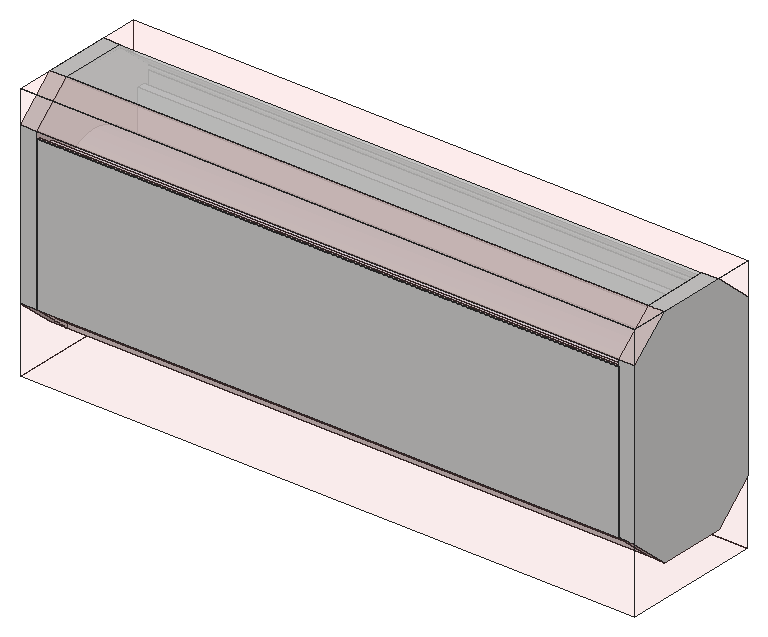
Revit family "Air-Curtain_Customer-Entry_PoweredAire_MP", category Mechanical Equipment, host Face, Revit 2020
Family settings
  Host = Face
  Round Connector Dimension = Use Diameter
  Part Type = Normal
  OmniClass Number = 23.75.35.17.21
  OmniClass Title = Air Curtains
  Cut with Voids When Loaded = No
  Shared = No
  Room Calculation Point = No
Parameters
  Warranty Duration (Years) = 0
  Unit Width Notes = "Other Widths available."  # constant formula
  Unit Width = 3' - 1"
  Unit Weight = 0
  Unit Height = 0' - 8 1/2"
  Unit Depth = 1' - 1 1/2"
  URL = "http://www.poweredaire.com/"
  Test Data = ""
  Standards Conformance = "as Specified"
  Specification = "http://www.arcat.com/sdspecs/htm04/23_34_33pai.htm"
  SpecWizard = ""
  Sound Pressure = "as Specified"
  Sales Information = "http://www.poweredaire.com/contact_us"
  Revision = "R1_2016-08"
  Projection from Host [instance] = 0' - 2"
  Product Properties = ""
  Product Data = "http://www.arcat.com/arcatcos/cos47/arc47623.html"
  Power Rating = 0 W
  Nozzle Width = if(1 = 1, Unit Width - 0' 2", 0' 0")  # 2' - 11"
  Mounting Width = if(1 = 1, Unit Width - 0' 1", 0' 0")  # 3' - 0"
  Mounting Height [instance] = 3' - 6"
  Motor RPM = 0
  Motor HP = 0
  Motor Count = 0
  Model = "As Specified"
  Max Height = 0' - 0"
  Manufacturer Website = "http://www.poweredaire.com/"
  Manufacturer Phone - Toll Free = "888-321-2473"
  Manufacturer Phone = "724-588-3305"
  Manufacturer Fax = "724-588-3371"
  Manufacturer Address = "109 Mortensen Rd.  Greenville, PA 16125"
  Manufacturer = "Powered Aire, Inc"
  Maintenance Schedule (Months) = 0
  Keynote = "23 34 33"
  Installation-Fabrication = ""
  Installation Phase = ""
  Include Clearance [instance] = yes
  Heating Element Load = 0 W
  HVAC_Temperature Rise = 0 °F
  HVAC_Outlet Volume = 0 CFM
  HVAC_Outlet Velocity Uniformity = 0
  HVAC_Outlet Velocity = 0 FPM
  Green Building-LEED = "http://www.arcat.com/green/clients/leed_data_47623.html"
  Front Grating Material [instance] = Metal - Steel - PoweredAire - Stainless 304 Perforated
  Frame Finish [instance] = Metal - Steel - PoweredAire - Stainless 304
  Expected Lifespan (Years) = 0
  Electrical_Wattage [instance] = Power Rating + Heating Element Load  # 0 W
  Electrical_Voltage [instance] = 0 V
  Electrical_Phase [instance] = 1
  Electrical_Frequency [instance] = 0 Hz
  Electrical_Amperage [instance] = 0 A
  Drawn By = "Sumex Design, Inc. / Robert S. Weygant, CSI, CDT, SCIP"
  Description = "Powered Aire Air Curtain as Specified"
  Default Elevation = 0' - 0"  # constant formula
  Copyright = "©Arcat Inc."
  Construction Details = "http://www.arcat.com/details/powair/prod3336.html"
  Clearance_Top [instance] = 0' - 0"
  Clearance_Side B [instance] = 0' - 0"
  Clearance_Side A [instance] = 0' - 0"
  Clearance_Intake [instance] = 0' - 0"
  Clearance_Bottom [instance] = 0' - 0"
  Clearance Material [instance] = ARCAT Clearance
  Building Codes = ""
  Available Options [instance] = "as Specified"
  Assembly Code = "D3090400"
Reference planes (in)
  plane 1 "Center (Elevation)": y = 0.13818
  plane 2: z = 0
  plane 3 "Center (Left/Right)": x = 0
  plane 4: y = 4.38818
  plane 5: y = -4.11182
  plane 6: x = -18.5
  plane 7: x = 18.5
  plane 8: z = 15.5
  plane 9 "FF": y = -41.86182
  plane 10: z = 2
  plane 11: x = 17.5
  plane 12: x = -17.5
  plane 13: y = 4.38818
  plane 14: y = -4.11182
  plane 15: x = -18.5
  plane 16: x = 18.5
  plane 17: z = 15.5
Forms (in)
  Extrusion 1, solid, material "Metal - Steel - PoweredAire - Stainless 304" <- "Frame Finish"
    sketch origin (0, 0, 0) x (0, 1, 0) y (0, 0, 1)
      loop
        line (2.13818, 2) -> (4.38818, 3.94454) -> (4.38818, 13.55546) -> (2.13818, 15.5) -> (-1.86182, 15.5) -> (-4.11182, 13.55546) -> (-4.11182, 3.94454) -> (-1.86182, 2) -> (2.13818, 2)
    from 17.5 to 18.5
  Extrusion 2, solid, material "Metal - Steel - PoweredAire - Stainless 304" <- "Frame Finish"
    sketch origin (0, 0, 0) x (0, 1, 0) y (0, 0, -1)
      loop
        line (2.13818, -2) -> (-1.86182, -2) -> (-4.11182, -3.94454) -> (-4.11182, -13.55546) -> (-1.86182, -15.5) -> (2.13818, -15.5) -> (4.38818, -13.55546) -> (4.38818, -3.94454) -> (2.13818, -2)
    from 17.5 to 18.5
  Extrusion 3, solid, material "Metal - Steel - PoweredAire - Stainless 304" <- "Frame Finish"
    sketch origin (0, 0, 0) x (0, 1, 0) y (0, 0, 1)
      loop
        line (-1.86182, 2) -> (2.13818, 2) -> (4.38818, 3.94454) -> (4.38818, 13.19454) -> (4.26318, 13.19454) -> (4.26318, 3.99632) -> (2.0979, 2.125) -> (-1.73682, 2.125) -> (-1.73682, 4.06954) -> (-3.98682, 4.06954) -> (-3.98682, 13.19454) -> (-4.11182, 13.19454) -> (-4.11182, 3.94454) -> (-1.86182, 3.94454) -> (-1.86182, 2)
      loop
        line (-3.39819, 3.61034) -> (-2.6202, 2.83235) -> (-2.49472, 2.95783) -> (-3.27271, 3.73583) -> (-3.39819, 3.61034)
    from -17.5 to 17.5
  Extrusion 4, solid, material "Metal - Steel - PoweredAire - Stainless 304 Perforated" <- "Front Grating Material"
    sketch origin (0, 0, 0) x (0, 1, 0) y (0, 0, 1)
      loop
        line (-4.11182, 13.19454) -> (-3.98682, 13.19454) -> (-3.98682, 13.50368) -> (-1.82155, 15.375) -> (2.0979, 15.375) -> (4.26318, 13.50368) -> (4.26318, 13.19454) -> (4.38818, 13.19454) -> (4.38818, 13.55546) -> (2.13818, 15.5) -> (-1.86182, 15.5) -> (-4.11182, 13.55546) -> (-4.11182, 13.19454)
    from -17.5 to 17.5
  Extrusion 5, solid, material "ARCAT Clearance" <- "Clearance Material", visible <- "Include Clearance"
    sketch origin (0, 0, 0) x (0, 1, 0) y (0, 0, 1)
      loop
        line (-4.11182, 15.5) -> (-4.11182, 0) -> (4.38818, 0) -> (4.38818, 15.5) -> (-4.11182, 15.5)
    from -18.5 to 18.5
  Extrusion 6, solid
    sketch origin (0, 0, 0) x (0, 1, 0) y (0, 0, 1)
      loop
        line (-3.59559, 12.66567) -> (-3.59559, 4.66567) -> (-3.09559, 4.66567) -> (-3.09559, 12.66567) -> (-3.59559, 12.66567)
      loop
        circle (0.13818, 9.1356) r 2.75
      loop
        line (3.87195, 12.66567) -> (3.37195, 12.66567) -> (3.37195, 4.66567) -> (3.87195, 4.66567) -> (3.87195, 12.66567)
    from -17.5 to 17.5
Dimensions and locks (in)
  equal spacing: plane 4, plane 1 "Center (Elevation)", plane 5
  "Unit Height": plane 4 to plane 5
  equal spacing: plane 6, plane 3 "Center (Left/Right)", plane 7
  "Unit Width": plane 6 to plane 7
  "Mounting Height": plane 1 "Center (Elevation)" to plane 9 "FF"
  "Projection from Host": plane 10 to level
  "Unit Depth": plane 8 to plane 10
  locked: plane 6 to plane 12 at 1
  locked: plane 11 to plane 7 at 1
  "Clearance_Side A": plane 7 to plane 16
  "Clearance_Side B": plane 15 to plane 6
  "Clearance_Top": plane 13 to plane 4
  "Clearance_Bottom": plane 5 to plane 14
  "Clearance_Intake": plane 17 to plane 8
  aligned and locked: plane 2 to host face
  aligned and locked: level to host face
  aligned and locked: plane 7 to Extrusion 1
  aligned and locked: Extrusion 1 to plane 11
  aligned and locked: plane 12 to Extrusion 2
  aligned and locked: Extrusion 2 to plane 6
  aligned and locked: plane 11 to Extrusion 3
  aligned and locked: Extrusion 3 to plane 12
  aligned and locked: plane 11 to Extrusion 4
  aligned and locked: Extrusion 4 to plane 12
  aligned and locked: Extrusion 5 sketch curve to plane 17
  aligned and locked: plane 14 to Extrusion 5 sketch curve
  aligned and locked: level to Extrusion 5 sketch curve
  aligned and locked: Extrusion 5 sketch curve to plane 13
  aligned and locked: plane 16 to Extrusion 5
  aligned and locked: Extrusion 5 to plane 15
  aligned and locked: plane 11 to Extrusion 6
  aligned and locked: Extrusion 6 to plane 12
Automatic sketch dimensions
  host sketch curve to host sketch curve = 8' - 0"  (x2)
  Extrusion 1 sketch curve to plane 5 = 0' - 0"
  Extrusion 1 sketch curve to plane 8 = 0' - 0"
  Extrusion 1 sketch curve to plane 4 = 0' - 0"
  plane 1 "Center (Elevation)" to Extrusion 1 sketch curve = 0' - 2"
  Extrusion 1 sketch curve to plane 1 "Center (Elevation)" = 0' - 2"  (x2)
  plane 10 to Extrusion 1 sketch curve = 0' - 1.94454"  (x2)
  Extrusion 1 sketch curve to plane 8 = 0' - 1.94454"  (x2)
  plane 5 to Extrusion 1 sketch curve = 0' - 2 1/4"
  Extrusion 1 sketch curve to plane 10 = 0' - 0"
  Extrusion 2 sketch curve to plane 5 = 0' - 0"
  Extrusion 2 sketch curve to plane 8 = 0' - 0"
  Extrusion 2 sketch curve to plane 10 = 0' - 0"
  Extrusion 2 sketch curve to plane 4 = 0' - 0"
  plane 1 "Center (Elevation)" to Extrusion 2 sketch curve = 0' - 2"
  Extrusion 2 sketch curve to plane 1 "Center (Elevation)" = 0' - 2"  (x2)
  Extrusion 2 sketch curve to plane 8 = 0' - 1.94454"  (x2)
  plane 10 to Extrusion 2 sketch curve = 0' - 1.94454"  (x2)
  plane 5 to Extrusion 2 sketch curve = 0' - 2 1/4"
  Extrusion 4 sketch curve to plane 5 = 0' - 0"
  Extrusion 4 sketch curve to plane 8 = 0' - 0"
  Extrusion 4 sketch curve to plane 4 = 0' - 0"
  plane 5 to Extrusion 4 sketch curve = 0' - 0 1/8"
  plane 1 "Center (Elevation)" to Extrusion 4 sketch curve = 0' - 2"
  Extrusion 4 sketch curve to Extrusion 4 sketch curve = 0' - 0.04027"  (x2)
  Extrusion 4 sketch curve to Extrusion 4 sketch curve = 0' - 0 1/8"
  Extrusion 4 sketch curve to plane 8 = 0' - 1.94454"  (x2)
  Extrusion 4 sketch curve to Extrusion 4 sketch curve = 0' - 0.05178"  (x2)
  Extrusion 4 sketch curve to Extrusion 4 sketch curve = 0' - 0.30914"  (x2)
  Extrusion 4 sketch curve to plane 8 = 0' - 0 1/8"
  Extrusion 4 sketch curve to plane 1 "Center (Elevation)" = 0' - 1.95973"
  Extrusion 3 sketch curve to plane 5 = 0' - 0"
  Extrusion 3 sketch curve to plane 4 = 0' - 0"
  plane 5 to Extrusion 3 sketch curve = 0' - 0 1/8"
  plane 5 to Extrusion 3 sketch curve = 0' - 0.71363"
  Extrusion 3 sketch curve to Extrusion 3 sketch curve = 0' - 0.12548"  (x2)
  Extrusion 3 sketch curve to Extrusion 3 sketch curve = 0' - 0.778"
  Extrusion 3 sketch curve to Extrusion 3 sketch curve = 0' - 0.63289"
  Extrusion 3 sketch curve to Extrusion 3 sketch curve = 0' - 0 1/8"  (x2)
  Extrusion 3 sketch curve to plane 4 = 0' - 0 1/8"
  plane 10 to Extrusion 3 sketch curve = 0' - 0.83235"
  Extrusion 3 sketch curve to Extrusion 3 sketch curve = 0' - 0.3342"
  plane 10 to Extrusion 3 sketch curve = 0' - 1.94454"
  Extrusion 3 sketch curve to Extrusion 3 sketch curve = 0' - 0.05178"
  Extrusion 3 sketch curve to plane 8 = 0' - 2.30546"  (x2)
  Extrusion 3 sketch curve to plane 1 "Center (Elevation)" = 0' - 2"
  plane 10 to Extrusion 3 sketch curve = 0' - 0 1/8"
  Extrusion 3 sketch curve to Extrusion 3 sketch curve = 0' - 0.04027"
  Extrusion 3 sketch curve to plane 10 = 0' - 0"
  Extrusion 6 sketch curve to plane 1 "Center (Elevation)" = 0' - 0"
  plane 5 to Extrusion 6 sketch curve = 0' - 1.01623"
  Extrusion 6 sketch curve to Extrusion 6 sketch curve = 0' - 0 1/2"  (x2)
  Extrusion 6 sketch curve to plane 4 = 0' - 1.01623"
  plane 10 to Extrusion 6 sketch curve = 0' - 2.66567"  (x2)
  Extrusion 6 sketch curve to Extrusion 6 sketch curve = 0' - 4.46993"
  Extrusion 6 sketch curve to plane 8 = 0' - 2.83433"  (x2)
  radius of Extrusion 6 sketch curve = 0' - 2 3/4"
Connectors (in)
  electrical at (0, 4.38818, 8.56954), driven by "Electrical_Phase", driven by "Electrical_Voltage"
    settings: on Extrusion 3, index 1, voltage 0 V, apparent load 0 VA, apparent load phase1 0 VA, apparent load phase2 0 VA, apparent load phase3 0 VA, power factor 1, load classification "Motor", number of poles 1, system type 31, power factor state 1, is connector primary yes, connector utility no, sub classification motor no, connector description ""
